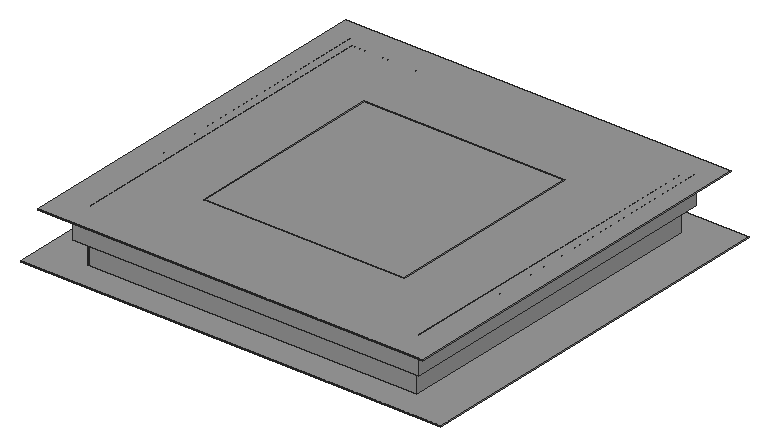
Revit family "Unterflur-Gerätedose UGD 350-3 9", category Generic Models, Revit 2017
Family settings
  Can host rebar = No
  Round Connector Dimension = Use Diameter
  Part Type = Normal
  Work Plane-Based = No
  Always vertical = Yes
  Cut with Voids When Loaded = No
  Shared = No
  Room Calculation Point = No
Parameters (values of type "UGD 350-3 9")
  URL = "http://www.obo-bettermann.com"
  Material = Strip galvanised
  Manufacturer Art.No. = "7410112"
  Manufacturer = "OBO BETTERMANN"
  GTIN = "4012195431787"
  Article Type = "UGD 350-3 9"
Reference planes
  plane 1 "Center (Front/Back)": y = 0
  plane 2: z = 0
  plane 3 "Center (Left/Right)": x = 0
  plane 4: z = 1
  plane 5: x = 255
  plane 6: y = 233.5
  plane 7: y = 433.5
  plane 8: y = 33.5
  plane 9: x = 455
  plane 10: x = 55
  plane 11: z = 64
  plane 12: x = 255
  plane 13: y = 233.5
  plane 14: y = 443.5
  plane 15: y = 23.5
  plane 16: x = 465
  plane 17: x = 45
  plane 18: z = 29
  plane 19: x = 21.5
  plane 20: x = 488.5
  plane 21: z = 65
  plane 22: y = 355.5
  plane 23: y = 111.5
  plane 24: x = 377
  plane 25: x = 133
Forms (mm)
  Extrusion 1, solid, material "Strip galvanised"
    sketch origin (0, 0, 0) x (1, 0, 0) y (0, 1, 0)
      loop
        line (0, 0) -> (510, 0) -> (510, 467) -> (0, 467) -> (0, 0)
    from 0 to 1
  Extrusion 2, solid, material "Strip galvanised" <- "Material"
    sketch origin (0, 0, 0) x (1, 0, 0) y (0, 1, 0)
      loop
        line (55, 433.5) -> (55, 33.5) -> (455, 33.5) -> (455, 433.5) -> (55, 433.5)
      loop
        line (56, 432.5) -> (56, 34.5) -> (454, 34.5) -> (454, 432.5) -> (56, 432.5)
    from 1 to 64
  Extrusion 3, solid, material "Strip galvanised" <- "Material"
    sketch origin (0, 0, 0) x (1, 0, 0) y (0, 1, 0)
      loop
        line (45, 443.5) -> (45, 23.5) -> (465, 23.5) -> (465, 443.5) -> (45, 443.5)
      loop
        line (46, 442.5) -> (46, 24.5) -> (464, 24.5) -> (464, 442.5) -> (46, 442.5)
    from 29 to 64
  Extrusion 4, solid, material "Strip galvanised" <- "Material"
    sketch origin (0, 0, 0) x (1, 0, 0) y (0, 1, 0)
      loop
        line (21.5, 467) -> (21.5, 0) -> (488.5, 0) -> (488.5, 467) -> (21.5, 467)
    from 64 to 65
  Extrusion 5, void
    sketch origin (0, 0, 0) x (1, 0, 0) y (0, 1, 0)
      loop
        line (133, 355.5) -> (133, 111.5) -> (377, 111.5) -> (377, 355.5) -> (133, 355.5)
      loop
        line (134, 354.5) -> (134, 112.5) -> (376, 112.5) -> (376, 354.5) -> (134, 354.5)
    from 64 to 65
Cuts and joins
  Extrusion 5 cuts Extrusion 1
  Extrusion 5 cuts Extrusion 4
Dimensions and locks
  locked: Extrusion 1 sketch curve to Extrusion 1 sketch curve at 467
  locked: Extrusion 1 sketch curve to Extrusion 1 sketch curve at 510
  locked: Extrusion 1 to plane 4 at 1
  locked: Extrusion 1 to plane 6 at 233.5
  locked: Extrusion 1 to plane 5 at 255
  locked: Extrusion 2 sketch curve to Extrusion 2 sketch curve at 400  (x2)
  locked: Extrusion 2 sketch curve to Extrusion 2 sketch curve at 398  (x2)
  locked: Extrusion 1 to plane 13 at 233.5
  locked: Extrusion 1 to plane 12 at 255
  locked: plane 14 to plane 13 at 210
  locked: plane 13 to plane 15 at 210
  locked: plane 17 to plane 12 at 210
  locked: plane 12 to plane 16 at 210
  locked: Extrusion 3 sketch curve to Extrusion 3 sketch curve at 420  (x2)
  locked: Extrusion 3 sketch curve to Extrusion 3 sketch curve at 418  (x2)
  locked: plane 18 to Extrusion 3 at 35
  plane 19 to plane 12 = 233.5 mm
  locked: plane 12 to plane 20 at 233.5
  locked: Extrusion 1 to Extrusion 1 at 467
  locked: Extrusion 4 sketch curve to Extrusion 4 sketch curve at 467
  locked: plane 22 to plane 13 at 122
  locked: plane 13 to plane 23 at 122
  locked: plane 25 to plane 12 at 122
  locked: plane 12 to plane 24 at 122
  locked: Extrusion 5 sketch curve to Extrusion 5 sketch curve at 244  (x2)
  locked: Extrusion 5 sketch curve to Extrusion 5 sketch curve at 242  (x2)
  aligned and locked: level to plane 2
  aligned and locked: Extrusion 1 to plane 4
  aligned and locked: plane 11 to Extrusion 2
  aligned and locked: Extrusion 2 to Extrusion 1
  aligned and locked: Extrusion 3 to plane 18
  aligned and locked: Extrusion 4 to Extrusion 2
  aligned and locked: Extrusion 4 to plane 21
  aligned and locked: Extrusion 5 to Extrusion 2
  aligned and locked: Extrusion 5 to plane 21
  aligned and locked: Extrusion 5 sketch curve to plane 24
  aligned and locked: plane 23 to Extrusion 5 sketch curve
  aligned and locked: plane 25 to Extrusion 5 sketch curve
  aligned and locked: Extrusion 5 sketch curve to plane 22
